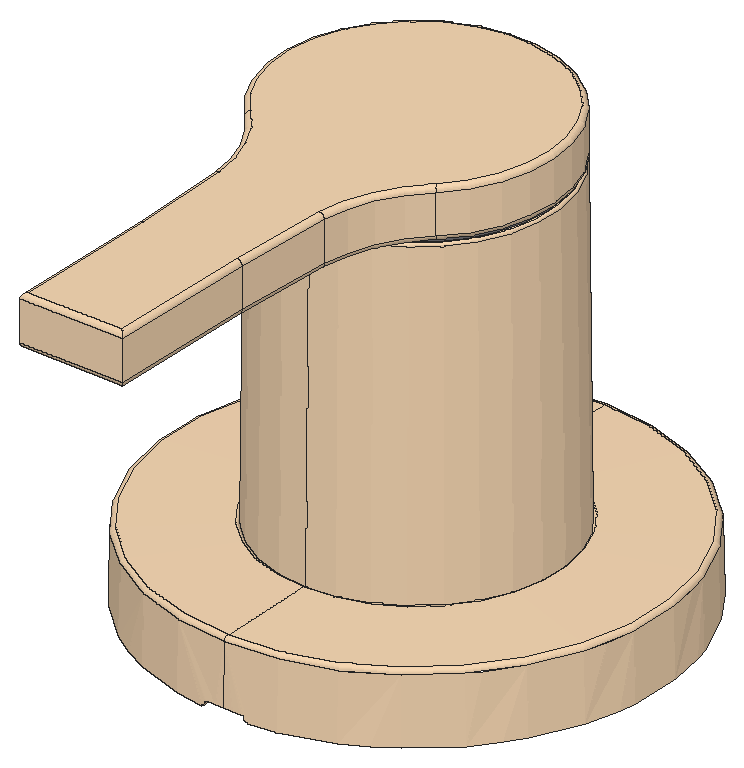
Revit family "Shower-Valve_Trim-KOHLER-Elate-K-T35330", category Specialty Equipment, host Face, Revit 2021
Family settings
  Host = Face
  Round Connector Dimension = Use Diameter
  Part Type = Normal
  OmniClass Number = 23.31.25.00
  OmniClass Title = Toilet and Bath Specialties
  Cut with Voids When Loaded = No
  Shared = No
  Room Calculation Point = No
Parameters (values of type "2MB-Vibrant Brushed Moderne Brass")
  Width = 4 1/64"  # constant formula
  WaterSense Certified = 1 = 0  # no
  URL = "https://www.us.kohler.com/us/"
  Type = 1
  Product Page URL = "http://www.us.kohler.com/us/catalog/productDetails.jsp?productNumber=T35330-4"
  Product Name = "Elate"  # constant formula
  Product Documentation Link = "https://www.us.kohler.com/webassets/kpna/catalog/pdf/en/K-T35330-4_spec_US-CA_Kohler_en.pdf"
  Model = if(Type = 1, "K-T35330-4-2MB", if(Type = 2, "K-T35330-4-BN", if(Type = 3, "K-T35330-4-BL", if(Type = 4, "K-T35330-4-CP", "NA"))))  # "K-T35330-4-2MB"
  Material = "Premium Metal Construction"  # constant formula
  Master Format 2014 Name = "Toilet, Bath, and Laundry Accessories"  # constant formula
  Master Format 2014 = "10 28 00"  # constant formula
  Manufacturer Address = "444 Highland Dr, Kohler, WI 53044"  # constant formula
  Manufacturer = "Kohler Co."  # constant formula
  Length = 3 181/256"  # constant formula
  Height = 4 1/64"  # constant formula
  Handle Clearence = 3 19/32"  # constant formula
  Finish = Kohler-Metal-2MB-Vibrant_Brushed_Moderne_Brass
  Environmental Product Declaration = ""
  Description = "Tranfer / Diverter Valve Trim"  # constant formula
  Default Elevation = 42"
  Declare Label = ""
  Date Modified = "5/22/2024"  # constant formula
  Date Created = "5/22/2024"  # constant formula
  Copyright = "Copyright Kohler Co."  # constant formula
  Contact Us = "https://www.us.kohler.com/us/static/contact.jsp"
  Assembly Code = "C1030200"
  ADA Compliant = 1 = 0  # no
Types (5): name | Type | Model | Finish
  (no name) | 1 | "K-T35330-4-2MB" | Kohler-Metal-2MB-Vibrant_Brushed_Moderne_Brass
  2MB-Vibrant Brushed Moderne Brass | 1 | "K-T35330-4-2MB" | Kohler-Metal-2MB-Vibrant_Brushed_Moderne_Brass
  BN-Vibrant Brushed Nickel | 2 | "K-T35330-4-BN" | Kohler-Metal-BN-Vibrant_Brushed_Nickel
  BL-Matte Black | 3 | "K-T35330-4-BL" | Kohler-Metal-BL-Matte_Black
  CP-Polished Chrome | 4 | "K-T35330-4-CP" | Kohler-Metal-CP-Polished_Chrome
Reference planes (in)
  plane 1 "Center (Front/Back)": y = 0
  plane 2: z = 0
  plane 3 "Center (Left/Right)": x = 0
  plane 4: y = 2.00787
  plane 5: y = -3.59375
  plane 6: x = -2.00787
  plane 7: y = 1.15354
  plane 8: x = 2.00775
  plane 9: y = -2.00775
  plane 10: y = -1.15354
  plane 11: x = 1.15113
  plane 12: x = -1.15113
  plane 13: z = 3.70703
  plane 14: z = 0.5748
Dimensions and locks (in)
  level to plane 14 = 0.5748"
  "Length": plane 13 to level
  plane 7 to plane 10 = 2.30709"
  plane 13 to level = 3 181/256"
  "Width": plane 6 to plane 8
  "Height": plane 4 to plane 9
  "Handle Clearence": plane 1 "Center (Front/Back)" to plane 5
  aligned and locked: plane 2 to host face
  aligned and locked: level to host face
Automatic sketch dimensions
  host sketch curve to host sketch curve = 96"  (x2)
Nested families (in)
  nested 1: "K-T35330" at (0, 0, 0), type "K-T35330"
Definition of nested family "K-T35330"
  Parameters
    Material = none
    Default Elevation = 0"
  Reference planes (in)
    plane 1 "Center (Front/Back)": y = 0
    plane 2: z = 0
    plane 3 "Center (Left/Right)": x = 0
    plane 4: y = 2.00787
    plane 5: y = -2.00787
    plane 6: x = 2.00787
    plane 7: x = -2.00787
    plane 8: z = 3.70866
    plane 9: y = -3.59449
    plane 10: z = 0.5748
    plane 11: y = -1.15354
    plane 12: y = 1.15354
    plane 13: x = 1.15113
    plane 14: x = -1.15113
  Forms (in)
    Revolve 1, solid, material <- "Material", detail levels medium+fine
      sketch origin (0, 0, 0) x (0, 1, 0) y (0, 0, 1)
        loop
          line (0, 3.2668) -> (0, 0) -> (2.00787, 0) -> (1.99873, 0.54109)
          arc (1.99873, 0.54109) -> (1.98716, 0.56831) -> (1.9599, 0.57979) r 0.03937
          arc (1.9599, 0.57979) -> (1.56727, 0.58551) -> (1.17466, 0.59208) r 182.72276
          arc (1.17466, 0.59208) -> (1.15972, 0.58611) -> (1.15354, 0.57126) r 0.02075
          line (1.15354, 0.57126) -> (1.12579, 3.2469)
          arc (1.12579, 3.2469) -> (1.11983, 3.26098) -> (1.10568, 3.2668) r 0.02012
          line (1.10568, 3.2668) -> (0, 3.2668)
        axis (0, 3.2668) -> (0, 0)
      angle from 0 to 360
    Revolve 2, solid, detail levels medium+fine
      sketch origin (0, 0, 0) x (0, 1, 0) y (0, 0, 1)
        loop
          line (1.08642, 3.26187) -> (1.08642, 3.29526) -> (0, 3.29526) -> (0, 3.26187) -> (1.08642, 3.26187)
        axis (0, 3.29526) -> (0, 3.25589)
      angle from 0 to 360
    Sweep 3, solid, material <- "Material", detail levels medium+fine
      path origin (0, 0, 0) x (1, 0, 0) y (0, 1, 0)
        loop
          arc (0.79877, -0.79169) -> (0.00376, 1.12463) -> (-0.80405, -0.78633) r 1.12464
          arc (-0.80405, -0.78633) -> (-0.5716, -1.12539) -> (-0.46814, -1.52325) r 1.19213
          arc (-0.46814, -1.52325) -> (-0.44293, -1.93714) -> (-0.43452, -2.35171) r 10.22447
          line (-0.43452, -2.35171) -> (-0.43452, -3.58805) -> (0.42455, -3.58805) -> (0.42455, -2.35171)
          arc (0.42455, -2.35171) -> (0.4327, -1.9434) -> (0.45716, -1.53574) r 10.22447
          arc (0.45716, -1.53574) -> (0.56209, -1.13347) -> (0.79877, -0.79169) r 1.19213
      profile origin (0.00376, 1.12463, 0) x (-0.003341, -0.999994, 0) y (0, 0, 1)
        loop
          line (0, 3.65307) -> (0, 3.32587)
          arc (0, 3.32587) -> (0.01153, 3.29804) -> (0.03937, 3.2865) r 0.03937
          line (0.03937, 3.2865) -> (0.18739, 3.2865) -> (0.18739, 3.69608) -> (0.043, 3.69608)
          arc (0.043, 3.69608) -> (0.0126, 3.68348) -> (0, 3.65307) r 0.043
    Extrusion 4, solid, material <- "Material", detail levels medium+fine
      sketch origin (0, 0, 0) x (1, 0, 0) y (0, 1, 0)
        loop
          arc (-0.67008, -0.65531) -> (-0.40109, -1.04767) -> (-0.28137, -1.50807) r 1.37951
          arc (-0.28137, -1.50807) -> (-0.2557, -1.92954) -> (-0.24713, -2.35171) r 10.41185
          line (-0.24713, -2.35171) -> (-0.24713, -3.40066) -> (0.23716, -3.40066) -> (0.23716, -2.35171)
          arc (0.23716, -2.35171) -> (0.24547, -1.93592) -> (0.27037, -1.52079) r 10.41185
          arc (0.27037, -1.52079) -> (0.39179, -1.05528) -> (0.66568, -0.65978) r 1.37951
          arc (0.66568, -0.65978) -> (0.00313, 0.93724) -> (-0.67008, -0.65531) r 0.93725
      from 3.2865 to 3.69608
    Extrusion 5, void
      sketch origin (0, 0, 0) x (1, 0, 0) y (0, 0, 1)
        loop
          arc (-0.14323, 0.05339) -> (-0.15722, 0.04777) -> (-0.16343, 0.03403) r 0.02021
          arc (-0.16343, 0.03403) -> (-0.17232, 0.01435) -> (-0.19235, 0.00629) r 0.02895
          line (-0.19235, 0.00629) -> (-0.19235, -0.03158) -> (0.19105, -0.03158) -> (0.19105, 0.00629)
          arc (0.19105, 0.00629) -> (0.17101, 0.01435) -> (0.16212, 0.03403) r 0.02895
          arc (0.16212, 0.03403) -> (0.15592, 0.04777) -> (0.14193, 0.05339) r 0.02021
          line (0.14193, 0.05339) -> (-0.14323, 0.05339)
      from 1.81497 to 2.33608
    Revolve 6, solid, material <- "Material", detail levels coarse
      sketch origin (0, 0, 0) x (0, 1, 0) y (0, 0, 1)
        loop
          line (0, 3.28666) -> (0, 0) -> (2.00787, 0) -> (1.99808, 0.57927)
          arc (1.99808, 0.57927) -> (1.57581, 0.58538) -> (1.15354, 0.59246) r 182.72276
          line (1.15354, 0.59246) -> (1.15354, 3.28666) -> (0, 3.28666)
        axis (0, 3.28666) -> (0, 0)
      angle from 0 to 360
    Extrusion 7, solid, material <- "Material", detail levels coarse
      sketch origin (0, 0, 0) x (1, 0, 0) y (0, 1, 0)
        loop
          arc (0.88031, -0.7454) -> (0.00841, 1.15758) -> (-0.88215, -0.73674) r 1.15384
          arc (-0.88215, -0.73674) -> (-0.55519, -1.30436) -> (-0.44166, -1.94951) r 1.88976
          line (-0.44166, -1.94951) -> (-0.44166, -3.59449) -> (0.42782, -3.59449) -> (0.42782, -1.97237)
          arc (0.42782, -1.97237) -> (0.54455, -1.3185) -> (0.88031, -0.7454) r 1.88976
      from 3.28666 to 3.70897
  Cuts and joins
    Extrusion 5 cuts Revolve 1
    joined: Revolve 1, Sweep 3, Extrusion 4
  Lines and regions (in)
    Masking region 1
      outline origin (0, 0, 0) x (1, 0, 0) y (0, 1, 0)
        loop
          arc (0.44377, -1.95822) -> (0.00457, 2.00787) -> (-0.45268, -1.95618) r 2.00787
          arc (-0.45268, -1.95618) -> (-0.44441, -2.29173) -> (-0.44166, -2.62737) r 20.4529
          line (-0.44166, -2.62737) -> (-0.44166, -3.55512)
          arc (-0.44166, -3.55512) -> (-0.43013, -3.58296) -> (-0.40229, -3.59449) r 0.03937
          line (-0.40229, -3.59449) -> (0.38845, -3.59449)
          arc (0.38845, -3.59449) -> (0.41629, -3.58296) -> (0.42782, -3.55512) r 0.03937
          line (0.42782, -3.55512) -> (0.42782, -2.93147)
          arc (0.42782, -2.93147) -> (0.43181, -2.44478) -> (0.44377, -1.95822) r 29.70879
    Masking region 2
      outline origin (0, 0, 0) x (1, 0, 0) y (0, 0, 1)
        loop
          line (2.00787, 0.03303) -> (1.99638, 0.5456)
          arc (1.99638, 0.5456) -> (1.98611, 0.5696) -> (1.9621, 0.57985) r 0.03505
          arc (1.9621, 0.57985) -> (1.55661, 0.5878) -> (1.15108, 0.59391) r 89.76376
          line (1.15108, 0.59391) -> (1.12726, 3.23711)
          arc (1.12726, 3.23711) -> (1.1203, 3.25361) -> (1.10374, 3.26042) r 0.02352
          line (1.10374, 3.26042) -> (1.06768, 3.26042) -> (1.06768, 3.2933) -> (1.09917, 3.2933)
          arc (1.09917, 3.2933) -> (1.11361, 3.29928) -> (1.11959, 3.31371) r 0.02042
          line (1.11959, 3.31371) -> (1.11959, 3.65357)
          arc (1.11959, 3.65357) -> (1.10729, 3.68373) -> (1.07741, 3.6967) r 0.04314
          arc (1.07741, 3.6967) -> (-0.00076, 3.70866) -> (-1.07972, 3.69667) r 48.56545
          arc (-1.07972, 3.69667) -> (-1.1082, 3.68161) -> (-1.11959, 3.65147) r 0.04556
          line (-1.11959, 3.65147) -> (-1.11959, 3.31371)
          arc (-1.11959, 3.31371) -> (-1.11361, 3.29928) -> (-1.09917, 3.2933) r 0.02042
          line (-1.09917, 3.2933) -> (-1.06768, 3.2933) -> (-1.06768, 3.26042) -> (-1.10374, 3.26042)
          arc (-1.10374, 3.26042) -> (-1.1203, 3.25361) -> (-1.12726, 3.23711) r 0.02352
          line (-1.12726, 3.23711) -> (-1.15108, 0.59391)
          arc (-1.15108, 0.59391) -> (-1.55661, 0.5878) -> (-1.9621, 0.57985) r 89.76376
          arc (-1.9621, 0.57985) -> (-1.98611, 0.5696) -> (-1.99638, 0.5456) r 0.03505
          line (-1.99638, 0.5456) -> (-2.00787, 0.03303)
          arc (-2.00787, 0.03303) -> (-1.9982, 0.00967) -> (-1.97484, 0) r 0.03303
          line (-1.97484, 0) -> (1.97484, 0)
          arc (1.97484, 0) -> (1.9982, 0.00967) -> (2.00787, 0.03303) r 0.03303
    Masking region 3
      outline origin (0, 0, 0) x (0, 1, 0) y (0, 0, 1)
        loop
          arc (1.97698, 0) -> (1.99864, 0.00908) -> (2.00735, 0.03089) r 0.03038
          line (2.00735, 0.03089) -> (1.9988, 0.53614)
          arc (1.9988, 0.53614) -> (1.98555, 0.56744) -> (1.95428, 0.58076) r 0.0454
          arc (1.95428, 0.58076) -> (1.55393, 0.58772) -> (1.15354, 0.59308) r 100.89544
          line (1.15354, 0.59308) -> (1.12703, 3.2296)
          arc (1.12703, 3.2296) -> (1.11962, 3.24711) -> (1.10204, 3.25434) r 0.02499
          line (1.10204, 3.25434) -> (1.07037, 3.25434) -> (1.07037, 3.28666) -> (1.10259, 3.28666)
          arc (1.10259, 3.28666) -> (1.11946, 3.29372) -> (1.12626, 3.31068) r 0.02368
          line (1.12626, 3.31068) -> (1.12112, 3.66077)
          arc (1.12112, 3.66077) -> (1.11056, 3.68567) -> (1.08562, 3.69613) r 0.03589
          arc (1.08562, 3.69613) -> (-1.23128, 3.70867) -> (-3.54818, 3.69608) r 213.53566
          arc (-3.54818, 3.69608) -> (-3.58096, 3.68219) -> (-3.59449, 3.64927) r 0.04682
          line (-3.59449, 3.64927) -> (-3.59449, 3.32638)
          arc (-3.59449, 3.32638) -> (-3.58285, 3.29829) -> (-3.55477, 3.28666) r 0.03972
          line (-3.55477, 3.28666) -> (-1.07037, 3.28666) -> (-1.07037, 3.25434) -> (-1.10191, 3.25434)
          arc (-1.10191, 3.25434) -> (-1.1195, 3.24711) -> (-1.1269, 3.2296) r 0.02499
          line (-1.1269, 3.2296) -> (-1.15342, 0.59309)
          arc (-1.15342, 0.59309) -> (-1.55386, 0.58772) -> (-1.95428, 0.58076) r 100.89544
          arc (-1.95428, 0.58076) -> (-1.98555, 0.56744) -> (-1.9988, 0.53614) r 0.0454
          line (-1.9988, 0.53614) -> (-2.00644, 0.08487)
          arc (-2.00644, 0.08487) -> (-2.00429, 0.06899) -> (-1.99749, 0.05447) r 0.05311
          line (-1.99749, 0.05447) -> (-1.99749, 0.02321)
          arc (-1.99749, 0.02321) -> (-1.9907, 0.0068) -> (-1.97429, 0) r 0.02321
          line (-1.97429, 0) -> (1.97698, 0)
    symbolic lines, detail levels medium+fine
      curve 1: arc (0.42782, -2.62737, 0) -> (0.42922, -2.38767, 0) -> (0.43344, -2.14801, 0) r 20.4529
      curve 2: arc (0.446, -1.90164, 0) -> (0.00441, 1.95323, 0) -> (-0.45458, -1.8996, 0) r 1.95324
      curve 3: arc (0.621, -1.00467, 0) -> (0, 1.1811, 0) -> (-0.621, -1.00467, 0) r 1.1811
      curve 4: arc (0.66152, -0.86426, 0) -> (0, 1.08837, 0) -> (-0.66152, -0.86426, 0) r 1.08837
      curve 5: arc (0.78524, -0.7896, 0) -> (-0.03308, 1.11309, 0) -> (-0.73696, -0.83484, 0) r 1.11359
      curve 6: arc (-0.66152, -0.86426, 0) -> (-0.56516, -1.01463, 0) -> (-0.49308, -1.17804, 0) r 1.15809
      curve 7: arc (-0.49308, -1.17804, 0) -> (-0.4378, -1.57031, 0) -> (-0.41031, -1.9655, 0) r 5.61743
      curve 8: line (-0.39953, -3.59449, 0) -> (-0.41031, -1.9655, 0)
      curve 9: line (-0.44166, -3.55173, 0) -> (0.42782, -3.55173, 0)
      curve 10: line (0.38487, -3.59449, 0) -> (0.40159, -1.98519, 0)
      curve 11: arc (-0.64767, -0.95492, 0) -> (-0.55664, -1.15683, 0) -> (-0.50407, -1.37197, 0) r 1.20592
      curve 12: arc (-0.73696, -0.83484, 0) -> (-0.6886, -0.89211, 0) -> (-0.64767, -0.95492, 0) r 0.60567
      curve 13: arc (-0.50407, -1.37197, 0) -> (-0.46962, -1.66331, 0) -> (-0.45268, -1.95618, 0) r 4.89446
      curve 14: arc (0.66152, -0.86426, 0) -> (0.56516, -1.01463, 0) -> (0.49308, -1.17804, 0) r 1.15809
      curve 15: arc (0.64767, -0.95492, 0) -> (0.55664, -1.15683, 0) -> (0.50407, -1.37197, 0) r 1.20592
      curve 16: arc (0.78524, -0.7896, 0) -> (0.70906, -0.86611, 0) -> (0.64767, -0.95492, 0) r 0.60567
      curve 17: arc (0.40159, -1.98519, 0) -> (0.42664, -1.57927, 0) -> (0.49308, -1.17804, 0) r 3.97071
      curve 18: arc (0.44377, -1.95822, 0) -> (0.46369, -1.66405, 0) -> (0.50407, -1.37197, 0) r 4.22861
      curve 19: arc (0.64767, -0.95492, 0) -> (0, 1.15384, 0) -> (-0.64767, -0.95492, 0) r 1.15384
      curve 20: line (1.11959, 0, 3.65357) -> (-1.11959, 0, 3.65357)
      curve 21: line (1.07821, 0, 3.69667) -> (-1.07972, 0, 3.69667)
      curve 22: line (1.12726, 0, 3.23711) -> (-1.12726, 0, 3.23711)
      curve 23: line (1.11959, 0, 3.31371) -> (-1.11959, 0, 3.31371)
      curve 24: line (1.06768, 0, 3.2933) -> (-1.06768, 0, 3.2933)
      curve 25: line (1.06768, 0, 3.26042) -> (-1.06768, 0, 3.26042)
      curve 26: line (1.15108, 0, 0.59391) -> (-1.15108, 0, 0.59391)
      curve 27: line (1.99638, 0, 0.5456) -> (-1.99638, 0, 0.5456)
      curve 28: line (2.00787, 0, 0.03303) -> (-2.00787, 0, 0.03303)
      curve 29: line (0, 1.9988, 0.53614) -> (0, -1.9988, 0.53614)
      curve 30: line (0, 2.00735, 0.03089) -> (0, -1.99749, 0.03089)
      curve 31: line (0, 1.07037, 3.28666) -> (0, -1.07037, 3.28666)
      curve 32: line (0, 1.07037, 3.25434) -> (0, -1.07037, 3.25434)
      curve 33: line (0, 1.12703, 3.2296) -> (0, -1.1269, 3.2296)
      curve 34: line (0, -3.59449, 3.32638) -> (0, 1.12603, 3.32638)
      curve 35: line (0, 1.12112, 3.66077) -> (0, -3.59305, 3.66077)
      curve 36: line (0, -3.54818, 3.69608) -> (0, -3.54818, 3.28562)
      curve 37: line (0, 1.15354, 0.59308) -> (0, -1.15342, 0.59309)
      curve 38: line (0, -1.99749, 0.03089) -> (0, -1.9988, 0.53614)
  Dimensions and locks (in)
    plane 7 to plane 6 = 4.01575"
    plane 5 to plane 4 = 4.01575"
    plane 12 to plane 11 = 2.30709"
    plane 8 to level = 3.70866"
    plane 10 to level = 0.5748"
    plane 1 "Center (Front/Back)" to plane 9 = 3.59449"
    aligned and locked: plane 2 to level
